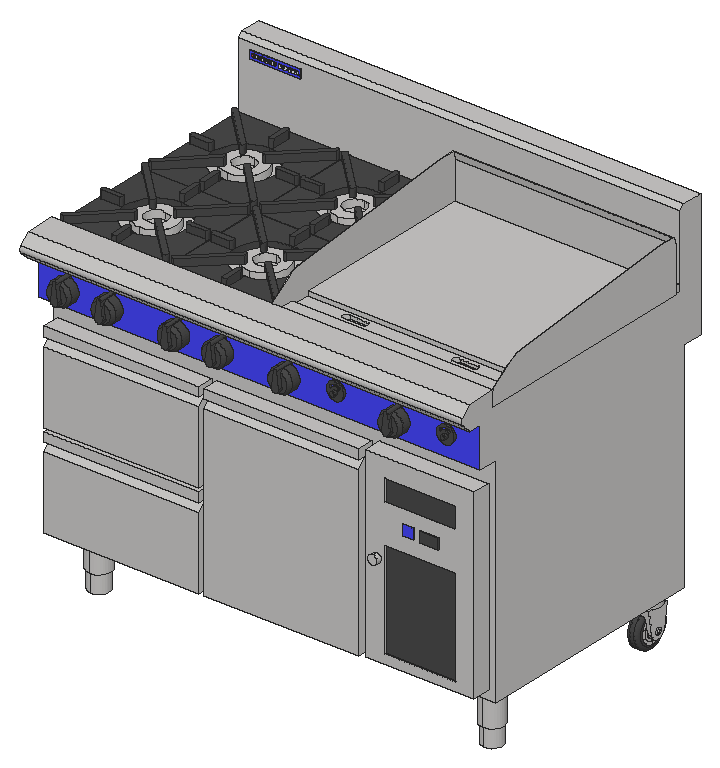
Revit family "QF_MOFFAT_BLUESEAL_CE_G518B-RB", category Specialty Equipment, Revit 2012
Parameters
  Weight in Pounds = 435  # constant formula
  Watts = 250 W
  Volts = 230 V
  URL Cutsheet = "www.moffat.com"
  URL = "www.moffat.com"
  Type Mark [instance] = ""
  Status [instance] = ""
  Specification by User [instance] = ""
  Specification by Manufacturer = ""
  Show Logo [instance] = yes
  Show Clearance [instance] = yes
  Show Casters [instance] = yes
  Serial Number = ""
  Seismic Rating = ""
  SMACNA No = ""
  Revision Code [instance] = ""
  Refrigerant Type = "R134a"
  Phase = 1
  Omniclass Number and Title = ""
  Number of Poles = 1
  NAFEM Spec ID Number = ""
  Model = "G518B-RB"
  Min Ckt Ampacity = 0 A
  Mechanical Remarks [instance] = ""
  Mechanical Connection Type [instance] = ""
  Max Overcurrent Protection = 0 A
  Masterspec = ""
  Manufacturer = "MOFFAT BLUESEAL"
  Legs [instance] = not(Show Casters)  # no
  Item Number [instance] = ""
  Installed By [instance] = ""
  Identify Quantity as Lot [instance] = yes
  HP = ""
  Gas Size = 3/4"
  Gas RI Height [instance] = 0.0 mm
  Gas KW [instance] = 42.2
  Gas Input [instance] = 144068.0 Btu/h
  Gas Connection Height = 0.0 mm
  Furnished By [instance] = ""
  Foodservice Equipment Identifier [instance] = yes
  FL Amps = 1.8 A
  Elec Conn RI Height = 0.0 mm
  Elec Conn Connection Height = 0.0 mm
  Description = "1200MM GAS COOK TOP ON REFRIGERATED BASE"
  Cycle = 50 Hz
  Conn Plug = ""
  Conn Conduit = yes
  CSI MasterFormat = ""
  CSI Master Format = ""
  Body Height [instance] = 915.0 mm
  Base Height [instance] = 150.0 mm
  Apparent Power = if(Phase = 3, Volts * FL Amps * 1.73, Volts * FL Amps)  # 414 VA
Reference planes
  plane 1 "BACK": y = 0
  plane 2: z = 0
  plane 3 "LEFT": x = 0
  plane 4 "RIGHT": x = 1200
  plane 5 "FRONT": y = -812
  plane 6 "TOP": z = 970
  plane 7 "Center Y": x = 600
  plane 8 "Center X": y = -406
  plane 9 "Base Height": z = 150
  plane 10: x = 1134
  plane 11: x = 65
  plane 12: z = 915
  plane 13: x = 1181
  plane 14: x = 973
  plane 15: y = -625
  plane 16: y = -100
  plane 17: z = 1085
Forms (mm)
  Extrusion 1, solid, material "QF_Finishes_Stainless Steel"
    sketch origin (0, 0, 0) x (0, 1, 0) y (0, 0, 1)
      loop
        line (0, 740) -> (0, 1085) -> (-57.5, 1085) -> (-70, 1072.5) -> (-70, 875) -> (-705, 875) -> (-705, 915) -> (-783.97, 915) -> (-808.485, 890.485)
        arc (-808.485, 890.485) -> (-811.999, 882) -> (-808.485, 873.515) r 12
        line (-808.485, 873.515) -> (-784.97, 850) -> (-749, 850) -> (-749, 740) -> (-697, 740) -> (-697, 150) -> (-57, 150) -> (-57, 740) -> (0, 740)
    from 0 to 1200
  Extrusion 2, solid, material "QF_Finishes_Stainless Steel"
    sketch origin (705, 3, 100) x (1, 0, 0) y (0, 1, 0)
      loop
        circle (365, -35) r 13.5
    from 555 to 640
  Revolve 3, solid, material "QF_Finishes_Black"
    sketch origin (89.687, 0, 759.972) x (0, 1, 0) y (0, 0, -1)
      loop
        line (-789, -69.5) -> (-766, -69.5) -> (-766, -42) -> (-756, -42) -> (-756, -37) -> (-800, -37) -> (-800, -63.651) -> (-789, -69.5)
      axis (-800, -37) -> (-756, -37)
    angle from 0 to 360
  Extrusion 4, solid, material "QF_Finishes_Black"
    sketch origin (227.956, 0, 760.13) x (-1, 0, 0) y (0, 0, -1)
      loop
        line (127.537, -26.064) -> (132.958, -68.983)
        arc (132.958, -68.983) -> (137.956, -73.87) -> (142.955, -68.983) r 5
        line (142.955, -68.983) -> (148.444, -24.898)
        arc (148.444, -24.898) -> (137.372, -14.399) -> (127.537, -26.064) r 10.487
    from 759 to 808
  Revolve 5, solid, material "QF_Finishes_Stainless Steel"
    sketch origin (65, -735, 0) x (0, 1, 0) y (0, 0, 1)
      loop
        line (78.25, 150) -> (78.25, 50) -> (82.5, 50) -> (82.5, 0) -> (110, 0) -> (110, 150) -> (78.25, 150)
      axis (110, 150) -> (110, 0)
    angle from 0 to 360
  Revolve 6, solid, material "QF_Finishes_Stainless Steel"
    sketch origin (1134, -735, 0) x (0, 1, 0) y (0, 0, -1)
      loop
        line (78.25, -150) -> (110, -150) -> (110, 0) -> (82.5, 0) -> (82.5, -50) -> (78.25, -50) -> (78.25, -150)
      axis (110, -150) -> (110, 0)
    angle from 0 to 360
  Extrusion 7, solid, material "QF_Finishes_Stainless Steel"
    sketch origin (0, 0, 0) x (0, 1, 0) y (0, 0, 1)
      loop
        line (-754, 678) -> (-754, 653) -> (-709.18, 653) -> (-709.18, 678) -> (-754, 678)
      loop
        line (-754, 421) -> (-754, 396) -> (-709.18, 396) -> (-709.18, 421) -> (-754, 421)
    from 19 to 439
  Extrusion 8, solid, material "QF_Finishes_Stainless Steel"
    sketch origin (0, -697, 222.5) x (0, 0, -1) y (1, 0, 0)
      loop
        line (-455.5, 1181) -> (-455.5, 887) -> (48.5, 887) -> (48.5, 1181) -> (-455.5, 1181)
      loop
        line (23.5, 1131) -> (-241.5, 1131) -> (-241.5, 937) -> (23.5, 937) -> (23.5, 1131)
      loop
        line (-405.5, 1131) -> (-405.5, 937) -> (-345.5, 937) -> (-345.5, 1131) -> (-405.5, 1131)
    from 0 to 48
  Extrusion 9, solid, material "QF_Finishes_Black"
    sketch origin (0, -745, 222.5) x (0, 0, -1) y (1, 0, 0)
      loop
        line (-311.04, 1035.003) -> (-281.04, 1035.003) -> (-281.04, 1083.315) -> (-311.04, 1083.315) -> (-311.04, 1035.003)
    from 0 to 1
  Extrusion 10, solid, material "QF_Finishes_Stainless Steel"
    sketch origin (0, -745, 222.5) x (0, 0, -1) y (1, 0, 0)
      loop
        circle (-202.271, 914.856) r 12.395
    from 0 to 12.7
  Extrusion 11, solid, material "QF_Finishes_Vents"
    sketch origin (0, -697, 222.5) x (0, 0, 1) y (1, 0, 0)
      loop
        line (345.5, 937) -> (405.5, 937) -> (405.5, 1131) -> (345.5, 1131) -> (345.5, 937)
      loop
        line (241.5, 937) -> (241.5, 1131) -> (-23.5, 1131) -> (-23.5, 937) -> (241.5, 937)
    from 0 to -44.529
  Extrusion 12, solid, material "QF_Door-Drawer Clearances", visible <- "Show Clearance", detail levels coarse
    sketch origin (0, -747, 174) x (0, 0, 1) y (-1, 0, 0)
      loop
        line (0, -19) -> (0, -439) -> (247, -439) -> (247, -19) -> (0, -19)
      loop
        line (257, -19) -> (257, -439) -> (504, -439) -> (504, -19) -> (257, -19)
    from 0 to 304.8
  Extrusion 13, solid, material "QF_Finishes_Stainless Steel"
    sketch origin (0, 0, 0) x (0, 1, 0) y (0, 0, 1)
      loop
        line (-709.18, 174) -> (-709.18, 650.613) -> (-731.387, 650.613) -> (-754, 628) -> (-754, 174) -> (-709.18, 174)
    from 453 to 873
  Extrusion 14, solid, material "QF_Door-Drawer Clearances", visible <- "Show Clearance", detail levels coarse
    sketch origin (0, -754, 174) x (1, 0, 0) y (0, -1, 0)
      loop
        line (453, 0) -> (873, 0) -> (873, 420)
        arc (873, 420) -> (576.015, 296.985) -> (453, 0) r 420
    from 0 to -504
  Extrusion 15, solid, material "QF_Finishes_Stainless Steel"
    sketch origin (0, -57, 735) x (0, 0, 1) y (1, 0, 0)
      loop
        circle (-315, 920) r 6.35
    from 0 to 1.6
  Extrusion 16, solid, material "QF_Finishes_Stainless Steel"
    sketch origin (0, 0, 0) x (0, 1, 0) y (0, 0, 1)
      loop
        line (-754, 431) -> (-709.18, 431) -> (-709.18, 650.613) -> (-731.387, 650.613) -> (-754, 628) -> (-754, 431)
      loop
        line (-754, 174) -> (-709.18, 174) -> (-709.18, 393.613) -> (-731.387, 393.613) -> (-754, 371) -> (-754, 174)
    from 19 to 439
  Extrusion 17, solid, material "QF_Finishes_Stainless Steel"
    sketch origin (0, 0, 0) x (0, 1, 0) y (0, 0, 1)
      loop
        line (-709.18, 653) -> (-709.18, 678) -> (-754, 678) -> (-754, 653) -> (-709.18, 653)
    from 453 to 873
  Revolve 18, solid, material "QF_Finishes_Black"
    sketch origin (210, 0, 760) x (0, 1, 0) y (0, 0, -1)
      loop
        line (-789, -69.5) -> (-766, -69.5) -> (-766, -42) -> (-756, -42) -> (-756, -37) -> (-800, -37) -> (-800, -63.651) -> (-789, -69.5)
      axis (-800, -37) -> (-756, -37)
    angle from 0 to 360
  Extrusion 19, solid, material "QF_Finishes_Black"
    sketch origin (348.27, 0, 760.158) x (-1, 0, 0) y (0, 0, -1)
      loop
        line (127.537, -26.064) -> (132.958, -68.983)
        arc (132.958, -68.983) -> (137.956, -73.87) -> (142.955, -68.983) r 5
        line (142.955, -68.983) -> (148.444, -24.898)
        arc (148.444, -24.898) -> (137.372, -14.399) -> (127.537, -26.064) r 10.487
    from 759 to 808
  Revolve 20, solid, material "QF_Finishes_Black"
    sketch origin (390, 0, 760) x (0, 1, 0) y (0, 0, -1)
      loop
        line (-789, -69.5) -> (-766, -69.5) -> (-766, -42) -> (-756, -42) -> (-756, -37) -> (-800, -37) -> (-800, -63.651) -> (-789, -69.5)
      axis (-800, -37) -> (-756, -37)
    angle from 0 to 360
  Extrusion 21, solid, material "QF_Finishes_Black"
    sketch origin (528.27, 0, 760.158) x (-1, 0, 0) y (0, 0, -1)
      loop
        line (127.537, -26.064) -> (132.958, -68.983)
        arc (132.958, -68.983) -> (137.956, -73.87) -> (142.955, -68.983) r 5
        line (142.955, -68.983) -> (148.444, -24.898)
        arc (148.444, -24.898) -> (137.372, -14.399) -> (127.537, -26.064) r 10.487
    from 759 to 808
  Revolve 22, solid, material "QF_Finishes_Black"
    sketch origin (690, 0, 760) x (0, 1, 0) y (0, 0, -1)
      loop
        line (-789, -69.5) -> (-766, -69.5) -> (-766, -42) -> (-756, -42) -> (-756, -37) -> (-800, -37) -> (-800, -63.651) -> (-789, -69.5)
      axis (-800, -37) -> (-756, -37)
    angle from 0 to 360
  Extrusion 23, solid, material "QF_Finishes_Black"
    sketch origin (828.27, 0, 760.158) x (-1, 0, 0) y (0, 0, -1)
      loop
        line (127.537, -26.064) -> (132.958, -68.983)
        arc (132.958, -68.983) -> (137.956, -73.87) -> (142.955, -68.983) r 5
        line (142.955, -68.983) -> (148.444, -24.898)
        arc (148.444, -24.898) -> (137.372, -14.399) -> (127.537, -26.064) r 10.487
    from 759 to 808
  Revolve 24, solid, material "QF_Finishes_Black"
    sketch origin (990, 0, 760) x (0, 1, 0) y (0, 0, -1)
      loop
        line (-789, -69.5) -> (-766, -69.5) -> (-766, -42) -> (-756, -42) -> (-756, -37) -> (-800, -37) -> (-800, -63.651) -> (-789, -69.5)
      axis (-800, -37) -> (-756, -37)
    angle from 0 to 360
  Extrusion 25, solid, material "QF_Finishes_Black"
    sketch origin (1128.27, 0, 760.158) x (-1, 0, 0) y (0, 0, -1)
      loop
        line (127.537, -26.064) -> (132.958, -68.983)
        arc (132.958, -68.983) -> (137.956, -73.87) -> (142.955, -68.983) r 5
        line (142.955, -68.983) -> (148.444, -24.898)
        arc (148.444, -24.898) -> (137.372, -14.399) -> (127.537, -26.064) r 10.487
    from 759 to 808
  Revolve 26, solid, material "QF_Finishes_Black"
    sketch origin (510.313, 0, 760.028) x (0, 1, 0) y (0, 0, -1)
      loop
        line (-789, -69.5) -> (-766, -69.5) -> (-766, -42) -> (-756, -42) -> (-756, -37) -> (-800, -37) -> (-800, -63.651) -> (-789, -69.5)
      axis (-800, -37) -> (-756, -37)
    angle from 0 to 360
  Extrusion 27, solid, material "QF_Finishes_Black"
    sketch origin (648.583, 0, 760.186) x (-1, 0, 0) y (0, 0, -1)
      loop
        line (127.537, -26.064) -> (132.958, -68.983)
        arc (132.958, -68.983) -> (137.956, -73.87) -> (142.955, -68.983) r 5
        line (142.955, -68.983) -> (148.444, -24.898)
        arc (148.444, -24.898) -> (137.372, -14.399) -> (127.537, -26.064) r 10.487
    from 759 to 808
  Revolve 28, solid, material "QF_Finishes_Stainless Steel", visible <- "Legs"
    sketch origin (65.5, -166, 0) x (0, 1, 0) y (0, 0, 1)
      loop
        line (34.25, 150) -> (34.25, 50) -> (38.5, 50) -> (38.5, 0) -> (66, 0) -> (66, 150) -> (34.25, 150)
      axis (66, 150) -> (66, 0)
    angle from 0 to 360
  Revolve 29, solid, material "QF_Finishes_Stainless Steel", visible <- "Show Casters"
    sketch origin (16.276, -100.755, -12.8) x (1, 0, 0) y (0, 0, 1)
      loop
        line (14.841, 63.604) -> (83.584, 63.604) -> (83.584, 67.109) -> (82.314, 68.379) -> (80.79, 68.379) -> (80.79, 71.826) -> (68.644, 71.826) -> (68.644, 81.79) -> (65.088, 83.843) -> (63.738, 92.179) -> (65.881, 92.179) -> (65.881, 98.529) -> (65.088, 98.529) -> (65.088, 104.879)
        arc (65.088, 104.879) -> (62.298, 111.614) -> (55.563, 114.404) r 9.525
        line (55.563, 114.404) -> (42.863, 114.404)
        arc (42.863, 114.404) -> (36.127, 111.614) -> (33.338, 104.879) r 9.525
        line (33.338, 104.879) -> (33.338, 98.529) -> (32.544, 98.529) -> (32.544, 92.179) -> (34.687, 92.179) -> (33.352, 83.932) -> (29.782, 81.871) -> (29.782, 71.826) -> (17.635, 71.826) -> (17.635, 68.379) -> (16.111, 68.379) -> (14.841, 67.109) -> (14.841, 63.604)
      axis (14.841, 63.604) -> (83.584, 63.604)
    angle from 0 to 360
  Extrusion 30, solid, material "QF_Finishes_Stainless Steel", visible <- "Show Casters"
    sketch origin (72.001, 132.353, -8.783) x (0, 1, 0) y (0, 0, 1)
      loop
        line (-200.603, 118.783) -> (-264.103, 118.783) -> (-251.746, 53.895)
        arc (-251.746, 53.895) -> (-232.353, 38.783) -> (-212.959, 53.895) r 20
        line (-212.959, 53.895) -> (-200.603, 118.783)
    from -35.667 to 22.923
  Revolve 31, solid, material "QF_Finishes_Stainless Steel", visible <- "Show Casters"
    sketch origin (65.5, -204, 0) x (0, 1, 0) y (0, 0, 1)
      loop
        line (68.25, 150) -> (68.25, 110) -> (104, 110) -> (104, 150) -> (68.25, 150)
      axis (104, 150) -> (104, 110)
    angle from 0 to 360
  Revolve 32, solid, material "QF_Finishes_Stainless Steel", visible <- "Legs"
    sketch origin (65.5, -166, 0) x (0, 1, 0) y (0, 0, 1)
      loop
        line (34.25, 150) -> (34.25, 50) -> (38.5, 50) -> (38.5, 0) -> (66, 0) -> (66, 150) -> (34.25, 150)
      axis (66, 150) -> (66, 0)
    angle from 0 to 360
  Revolve 33, solid, material "QF_Finishes_Stainless Steel", visible <- "Legs"
    sketch origin (1134.5, -166, 0) x (0, 1, 0) y (0, 0, -1)
      loop
        line (34.25, -150) -> (66, -150) -> (66, 0) -> (38.5, 0) -> (38.5, -50) -> (34.25, -50) -> (34.25, -150)
      axis (66, -150) -> (66, 0)
    angle from 0 to 360
  Revolve 34, solid, material "QF_Finishes_Stainless Steel", visible <- "Show Casters"
    sketch origin (1183.724, -100.755, -12.8) x (-1, 0, 0) y (0, 0, -1)
      loop
        line (14.841, -63.604) -> (14.841, -67.109) -> (16.111, -68.379) -> (17.635, -68.379) -> (17.635, -71.826) -> (29.782, -71.826) -> (29.782, -81.871) -> (33.352, -83.932) -> (34.687, -92.179) -> (32.544, -92.179) -> (32.544, -98.529) -> (33.338, -98.529) -> (33.338, -104.879)
        arc (33.338, -104.879) -> (36.127, -111.614) -> (42.863, -114.404) r 9.525
        line (42.863, -114.404) -> (55.563, -114.404)
        arc (55.563, -114.404) -> (62.298, -111.614) -> (65.088, -104.879) r 9.525
        line (65.088, -104.879) -> (65.088, -98.529) -> (65.881, -98.529) -> (65.881, -92.179) -> (63.738, -92.179) -> (65.088, -83.843) -> (68.644, -81.79) -> (68.644, -71.826) -> (80.79, -71.826) -> (80.79, -68.379) -> (82.314, -68.379) -> (83.584, -67.109) -> (83.584, -63.604) -> (14.841, -63.604)
      axis (14.841, -63.604) -> (83.584, -63.604)
    angle from 0 to 360
  Extrusion 35, solid, material "QF_Finishes_Stainless Steel", visible <- "Show Casters"
    sketch origin (1127.999, 132.353, -8.783) x (0, 1, 0) y (0, 0, -1)
      loop
        line (-200.603, -118.783) -> (-212.959, -53.895)
        arc (-212.959, -53.895) -> (-232.353, -38.783) -> (-251.746, -53.895) r 20
        line (-251.746, -53.895) -> (-264.103, -118.783) -> (-200.603, -118.783)
    from -35.667 to 22.923
  Revolve 36, solid, material "QF_Finishes_Stainless Steel", visible <- "Show Casters"
    sketch origin (1134.5, -204, 0) x (0, 1, 0) y (0, 0, -1)
      loop
        line (68.25, -150) -> (104, -150) -> (104, -110) -> (68.25, -110) -> (68.25, -150)
      axis (104, -150) -> (104, -110)
    angle from 0 to 360
  Revolve 37, solid, material "QF_Finishes_Stainless Steel", visible <- "Legs"
    sketch origin (1134.5, -166, 0) x (0, 1, 0) y (0, 0, -1)
      loop
        line (34.25, -150) -> (66, -150) -> (66, 0) -> (38.5, 0) -> (38.5, -50) -> (34.25, -50) -> (34.25, -150)
      axis (66, -150) -> (66, 0)
    angle from 0 to 360
  Extrusion 38, solid, material "QF_Finishes_Black"
    sketch origin (0, -749, 850) x (0, 0, -1) y (1, 0, 0)
      loop
        circle (53, 810) r 23.9
      loop
        circle (53, 1110) r 23.9
      loop
        arc (45.641, 1118.419) -> (46.501, 1123.219) -> (41.701, 1124.079) r 3.448
        arc (41.701, 1124.079) -> (35.116, 1109.341) -> (42.919, 1095.209) r 18.095
        arc (42.919, 1095.209) -> (47.641, 1096.491) -> (46.326, 1101.204) r 3.448
        arc (46.326, 1101.204) -> (42.758, 1109.683) -> (45.641, 1118.419) r 13.109
      loop
        arc (45.641, 818.419) -> (46.501, 823.219) -> (41.701, 824.079) r 3.448
        arc (41.701, 824.079) -> (35.116, 809.341) -> (42.919, 795.209) r 18.095
        arc (42.919, 795.209) -> (47.641, 796.491) -> (46.326, 801.204) r 3.448
        arc (46.326, 801.204) -> (42.758, 809.683) -> (45.641, 818.419) r 13.109
    from 0 to 5
  Extrusion 39, solid, material "QF_Finishes_Black"
    sketch origin (0, -754, 850) x (0, 0, -1) y (1, 0, 0)
      loop
        circle (56.5, 810) r 5.75
      loop
        circle (56.5, 1110) r 5.75
    from 0 to 10
  Extrusion 40, solid, material "QF_Finishes_Blue"
    sketch origin (0, -745, 222.5) x (0, 0, -1) y (1, 0, 0)
      loop
        line (-311.04, 987.426) -> (-281.04, 987.426) -> (-281.04, 1017.426) -> (-311.04, 1017.426) -> (-311.04, 987.426)
    from 0 to 1
Lines and regions (mm)
  Split face 1
    outline origin (0, -22, 1085) x (0, 1, 0) y (-1, 0, 0)
      loop
        arc (-23.385, -1164.794) -> (-18.385, -1173.455) -> (-8.385, -1173.455) r 10
        line (-8.385, -1173.455) -> (-1.385, -1169.413)
        arc (-1.385, -1169.413) -> (2.275, -1165.753) -> (3.615, -1160.753) r 10
        line (3.615, -1160.753) -> (3.615, -932.794)
        arc (3.615, -932.794) -> (-1.385, -924.134) -> (-11.385, -924.134) r 10
        line (-11.385, -924.134) -> (-18.385, -928.176)
        arc (-18.385, -928.176) -> (-22.045, -931.836) -> (-23.385, -936.836) r 10
        line (-23.385, -936.836) -> (-23.385, -1164.794)
  Split face 2
    outline origin (0, -22, 1085) x (0, 1, 0) y (-1, 0, 0)
      loop
        arc (-23.385, -864.794) -> (-18.385, -873.455) -> (-8.385, -873.455) r 10
        line (-8.385, -873.455) -> (-1.385, -869.413)
        arc (-1.385, -869.413) -> (2.275, -865.753) -> (3.615, -860.753) r 10
        line (3.615, -860.753) -> (3.615, -632.794)
        arc (3.615, -632.794) -> (-1.385, -624.134) -> (-11.385, -624.134) r 10
        line (-11.385, -624.134) -> (-18.385, -628.176)
        arc (-18.385, -628.176) -> (-22.045, -631.836) -> (-23.385, -636.836) r 10
        line (-23.385, -636.836) -> (-23.385, -864.794)
  Split face 3
    outline origin (0, -22, 1085) x (0, 1, 0) y (-1, 0, 0)
      loop
        arc (-23.385, -564.794) -> (-18.385, -573.455) -> (-8.385, -573.455) r 10
        line (-8.385, -573.455) -> (-1.385, -569.413)
        arc (-1.385, -569.413) -> (2.275, -565.753) -> (3.615, -560.753) r 10
        line (3.615, -560.753) -> (3.615, -332.794)
        arc (3.615, -332.794) -> (-1.385, -324.134) -> (-11.385, -324.134) r 10
        line (-11.385, -324.134) -> (-18.385, -328.176)
        arc (-18.385, -328.176) -> (-22.045, -331.836) -> (-23.385, -336.836) r 10
        line (-23.385, -336.836) -> (-23.385, -564.794)
  Split face 4
    outline origin (0, -22, 1085) x (0, 1, 0) y (-1, 0, 0)
      loop
        arc (-23.385, -264.794) -> (-18.385, -273.455) -> (-8.385, -273.455) r 10
        line (-8.385, -273.455) -> (-1.385, -269.413)
        arc (-1.385, -269.413) -> (2.275, -265.753) -> (3.615, -260.753) r 10
        line (3.615, -260.753) -> (3.615, -32.794)
        arc (3.615, -32.794) -> (-1.385, -24.134) -> (-11.385, -24.134) r 10
        line (-11.385, -24.134) -> (-18.385, -28.176)
        arc (-18.385, -28.176) -> (-22.045, -31.836) -> (-23.385, -36.836) r 10
        line (-23.385, -36.836) -> (-23.385, -264.794)
  symbolic lines, style "QF_Door-Drawer Clearances"
    curve 1: line (19, -812, 150) -> (19, -1058.8, 150)
    curve 2: line (19, -1058.8, 150) -> (439, -1058.8, 150)
    curve 3: line (439, -1058.8, 150) -> (439, -812, 150)
    curve 4: arc (512.99, -970.316, 150) -> (477.409, -895.095, 150) -> (457.356, -814.336, 150) r 420
    curve 5: line (776.472, -812, 150) -> (512.99, -970.316, 150)
  symbolic lines, style "SpecialityEquipmentHiddenLines", visible <- "Show Casters"
    curve 6: line (78.456, -46.735, 0) -> (105.952, -62.61, 0)
    curve 7: line (27.656, -134.723, 0) -> (78.456, -46.735, 0)
    curve 8: line (55.152, -150.598, 0) -> (27.656, -134.723, 0)
    curve 9: line (105.952, -62.61, 0) -> (55.152, -150.598, 0)
    curve 10: line (1125.152, -150.598, 0) -> (1097.656, -134.723, 0)
    curve 11: line (1175.952, -62.61, 0) -> (1125.152, -150.598, 0)
    curve 52: line (1148.456, -46.735, 0) -> (1097.656, -134.723, 0)
    curve 53: line (1175.952, -62.61, 0) -> (1148.456, -46.735, 0)
  symbolic lines
    curve 12: line (32.794, -18.385, 0) -> (260.753, -18.385, 0)
    curve 13: arc (260.753, -18.385, 0) -> (265.753, -19.725, 0) -> (269.413, -23.385, 0) r 10
    curve 14: line (269.413, -23.385, 0) -> (273.455, -30.385, 0)
    curve 15: arc (273.455, -30.385, 0) -> (273.455, -40.385, 0) -> (264.794, -45.385, 0) r 10
    curve 16: line (264.794, -45.385, 0) -> (36.836, -45.385, 0)
    curve 17: arc (36.836, -45.385, 0) -> (31.836, -44.045, 0) -> (28.176, -40.385, 0) r 10
    curve 18: line (28.176, -40.385, 0) -> (24.134, -33.385, 0)
    curve 19: arc (24.134, -33.385, 0) -> (24.134, -23.385, 0) -> (32.794, -18.385, 0) r 10
    curve 20: line (560.753, -18.385, 0) -> (332.794, -18.385, 0)
    curve 21: arc (332.794, -18.385, 0) -> (324.134, -23.385, 0) -> (324.134, -33.385, 0) r 10
    curve 22: line (324.134, -33.385, 0) -> (328.176, -40.385, 0)
    curve 23: arc (328.176, -40.385, 0) -> (331.836, -44.045, 0) -> (336.836, -45.385, 0) r 10
    curve 24: line (336.836, -45.385, 0) -> (564.794, -45.385, 0)
    curve 25: arc (564.794, -45.385, 0) -> (573.455, -40.385, 0) -> (573.455, -30.385, 0) r 10
    curve 26: line (573.455, -30.385, 0) -> (569.413, -23.385, 0)
    curve 27: arc (569.413, -23.385, 0) -> (565.753, -19.725, 0) -> (560.753, -18.385, 0) r 10
    curve 28: line (632.794, -18.385, 0) -> (860.753, -18.385, 0)
    curve 29: arc (860.753, -18.385, 0) -> (865.753, -19.725, 0) -> (869.413, -23.385, 0) r 10
    curve 30: line (869.413, -23.385, 0) -> (873.455, -30.385, 0)
    curve 31: arc (873.455, -30.385, 0) -> (873.455, -40.385, 0) -> (864.794, -45.385, 0) r 10
    curve 32: line (864.794, -45.385, 0) -> (636.836, -45.385, 0)
    curve 33: arc (636.836, -45.385, 0) -> (631.836, -44.045, 0) -> (628.176, -40.385, 0) r 10
    curve 34: line (628.176, -40.385, 0) -> (624.134, -33.385, 0)
    curve 35: arc (624.134, -33.385, 0) -> (624.134, -23.385, 0) -> (632.794, -18.385, 0) r 10
    curve 36: line (1160.753, -18.385, 0) -> (932.794, -18.385, 0)
    curve 37: arc (932.794, -18.385, 0) -> (924.134, -23.385, 0) -> (924.134, -33.385, 0) r 10
    curve 38: line (924.134, -33.385, 0) -> (928.176, -40.385, 0)
    curve 39: arc (928.176, -40.385, 0) -> (931.836, -44.045, 0) -> (936.836, -45.385, 0) r 10
    curve 40: line (936.836, -45.385, 0) -> (1164.794, -45.385, 0)
    curve 41: arc (1164.794, -45.385, 0) -> (1173.455, -40.385, 0) -> (1173.455, -30.385, 0) r 10
    curve 42: line (1173.455, -30.385, 0) -> (1169.413, -23.385, 0)
    curve 43: arc (1169.413, -23.385, 0) -> (1165.753, -19.725, 0) -> (1160.753, -18.385, 0) r 10
    curve 44: line (1200, 0, 0) -> (0, 0, 0)
    curve 45: line (1200, -57, 0) -> (0, -57, 0)
    curve 46: line (0, -70, 0) -> (1200, -70, 0)
    curve 47: line (-1, -705, 0) -> (1199, -705, 0)
    curve 48: line (0, -783.97, 0) -> (1200, -783.97, 0)
    curve 49: line (0, -811.999, 0) -> (1200, -811.999, 0)
    curve 50: line (1200, -811.999, 0) -> (1200, 0, 0)
    curve 51: line (0, 0, 0) -> (0, -811.999, 0)
Dimensions and locks
  equal spacing: plane 3 "LEFT", plane 7 "Center Y", plane 4 "RIGHT"
  plane 3 "LEFT" to plane 4 "RIGHT" = 1200.0 mm
  equal spacing: plane 5 "FRONT", plane 8 "Center X", plane 1 "BACK"
  plane 5 "FRONT" to plane 1 "BACK" = 812.0 mm
  "Base Height": plane 9 "Base Height" to level
  plane 6 "TOP" to level = 970.0 mm
  plane 10 to plane 11 = 1069.0 mm
  level to Extrusion 2 = 655.0 mm
  Extrusion 1 to Extrusion 7 = 19.0 mm
  Extrusion 8 sketch curve to Extrusion 8 sketch curve = 294.0 mm
  plane 15 to plane 16 = 525.0 mm
  plane 17 to plane 2 = 1085.0 mm
  Extrusion 15 sketch curve to plane 4 "RIGHT" = 280.0 mm
  Extrusion 15 sketch curve to plane 2 = 420.0 mm
  Revolve 29 sketch curve to Revolve 29 sketch curve = 50.8 mm
  Revolve 34 sketch curve to Revolve 34 sketch curve = 50.8 mm
  aligned and locked: level to plane 2
Automatic sketch dimensions
  curve 45 to plane 3 "LEFT" = 0.0 mm
  curve 48 to plane 4 "RIGHT" = 0.0 mm
  plane 1 "BACK" to curve 44 = 0.0 mm
  curve 47 to plane 3 "LEFT" = 1.0 mm
  plane 3 "LEFT" to curve 18 = 24.134 mm
  plane 3 "LEFT" to curve 8 = 27.656 mm
  curve 19 to curve 17 = 4.041 mm
  curve 18 to curve 19 = 8.66 mm
  curve 17 to curve 17 = 8.66 mm
  curve 8 to plane 11 = 9.848 mm
  plane 11 to curve 7 = 13.456 mm
  plane 1 "BACK" to curve 12 = 18.385 mm
  curve 6 to curve 12 = 154.801 mm
  curve 13 to curve 15 = 4.041 mm  (x2)
  curve 13 to curve 13 = 8.66 mm
  curve 14 to curve 21 = 50.679 mm
  curve 22 to curve 23 = 4.041 mm
  curve 21 to curve 21 = 8.66 mm
  curve 23 to curve 23 = 8.66 mm
  plane 1 "BACK" to curve 27 = 18.385 mm
  curve 27 to plane 7 "Center Y" = 39.247 mm
  curve 27 to curve 24 = 4.041 mm
  plane 1 "BACK" to curve 26 = 23.385 mm
  curve 27 to curve 26 = 8.66 mm
  curve 26 to curve 25 = 4.041 mm
  plane 7 "Center Y" to curve 35 = 24.134 mm
  curve 35 to curve 34 = 4.041 mm
  curve 34 to curve 28 = 8.66 mm
  curve 33 to curve 32 = 8.66 mm
  plane 1 "BACK" to curve 29 = 18.385 mm
  curve 29 to plane 14 = 112.247 mm
  curve 29 to curve 31 = 4.041 mm
  curve 29 to curve 29 = 8.66 mm
  plane 1 "BACK" to curve 30 = 30.385 mm
  curve 29 to curve 30 = 4.041 mm
  curve 38 to plane 14 = 48.866 mm
  curve 37 to curve 38 = 4.041 mm
  curve 37 to curve 37 = 8.66 mm
  curve 37 to curve 39 = 4.041 mm
  curve 52 to plane 10 = 36.344 mm
  curve 10 to plane 10 = 8.848 mm
  plane 10 to curve 53 = 14.456 mm
  curve 52 to curve 43 = 12.297 mm
  curve 43 to curve 41 = 4.041 mm
  curve 36 to curve 42 = 8.66 mm
  curve 43 to curve 42 = 4.041 mm
  plane 4 "RIGHT" to curve 47 = 1.0 mm
  curve 34 to curve 28 = 15.0 mm
  curve 18 to curve 12 = 15.0 mm
  curve 21 to curve 20 = 15.0 mm
  plane 1 "BACK" to curve 38 = 33.385 mm
  curve 31 to curve 31 = 5.0 mm
  curve 25 to curve 27 = 7.0 mm
  curve 15 to curve 12 = 17.0 mm
  curve 17 to curve 19 = 7.0 mm
  curve 33 to curve 35 = 7.0 mm
  curve 23 to curve 21 = 7.0 mm
  plane 1 "BACK" to curve 41 = 35.385 mm
  curve 39 to curve 37 = 2.0 mm
  curve 39 to curve 37 = 7.0 mm  (x2)
  curve 18 to curve 19 = 7.0 mm
  curve 22 to curve 22 = 7.0 mm
  curve 53 to curve 41 = 1.35 mm
  curve 6 to curve 17 = 1.35 mm
  curve 45 to curve 40 = 11.615 mm
  curve 53 to curve 41 = 17.225 mm
  curve 6 to curve 6 = 15.875 mm
  curve 46 to curve 45 = 13.0 mm
  curve 47 to plane 15 = 80.0 mm
  curve 48 to plane 5 "FRONT" = 28.03 mm
  curve 51 to plane 5 "FRONT" = 0.001 mm
  curve 31 to curve 29 = 7.0 mm
  curve 15 to curve 13 = 7.0 mm
  curve 41 to curve 43 = 7.0 mm
  Extrusion 1 sketch curve to plane 12 = 0.0 mm
  Extrusion 1 sketch curve to plane 9 "Base Height" = 0.0 mm
  Extrusion 1 sketch curve to plane 17 = 0.0 mm
  Extrusion 1 sketch curve to plane 1 "BACK" = 0.0 mm
  plane 16 to Extrusion 1 sketch curve = 43.0 mm
  plane 16 to Extrusion 1 sketch curve = 42.5 mm
  Extrusion 1 sketch curve to Extrusion 1 sketch curve = 12.5 mm
  Extrusion 1 sketch curve to plane 15 = 72.0 mm
  Extrusion 1 sketch curve to plane 15 = 80.0 mm
  Extrusion 1 sketch curve to Extrusion 1 sketch curve = 52.0 mm
  Extrusion 1 sketch curve to plane 5 "FRONT" = 28.03 mm
  Extrusion 1 sketch curve to plane 5 "FRONT" = 27.03 mm
  Extrusion 1 sketch curve to plane 5 "FRONT" = 12.001 mm
  Extrusion 1 sketch curve to plane 5 "FRONT" = 3.515 mm  (x2)
  Extrusion 1 sketch curve to plane 12 = 175.0 mm  (x2)
  Extrusion 1 sketch curve to plane 12 = 65.0 mm
  Extrusion 1 sketch curve to Extrusion 1 sketch curve = 23.515 mm
  Extrusion 1 sketch curve to Extrusion 1 sketch curve = 40.0 mm
  Extrusion 1 sketch curve to Extrusion 1 sketch curve = 8.485 mm
  Extrusion 1 sketch curve to plane 17 = 12.5 mm
  plane 1 "BACK" to Extrusion 2 sketch curve = 32.0 mm
  Extrusion 2 sketch curve to plane 10 = 64.0 mm
  Revolve 3 sketch curve to plane 5 "FRONT" = 12.0 mm
  Revolve 3 sketch curve to Revolve 3 sketch curve = 0.0 mm  (x2)
  Revolve 3 sketch curve to Revolve 3 sketch curve = 11.0 mm
  Revolve 3 sketch curve to Revolve 3 sketch curve = 12.7 mm
  Revolve 3 sketch curve to Revolve 3 sketch curve = 23.0 mm
  Revolve 3 sketch curve to Revolve 3 sketch curve = 10.0 mm
  Revolve 3 sketch curve to plane 12 = 85.528 mm
  Revolve 3 sketch curve to Revolve 3 sketch curve = 5.849 mm
  Revolve 3 sketch curve to Revolve 3 sketch curve = 27.5 mm
  Revolve 3 sketch curve to Revolve 3 sketch curve = 5.0 mm
  plane 11 to Extrusion 4 sketch curve = 35.419 mm
  plane 11 to Extrusion 4 sketch curve = 29.999 mm
  Extrusion 4 sketch curve to Extrusion 4 sketch curve = 10.419 mm
  Extrusion 4 sketch curve to Extrusion 4 sketch curve = 4.999 mm  (x2)
  Extrusion 4 sketch curve to Extrusion 4 sketch curve = 10.487 mm
  Extrusion 4 sketch curve to plane 12 = 85.887 mm
  Extrusion 4 sketch curve to Extrusion 4 sketch curve = 0.113 mm
  Extrusion 4 sketch curve to Extrusion 4 sketch curve = 42.919 mm
  Extrusion 4 sketch curve to Extrusion 4 sketch curve = 1.167 mm
  Revolve 5 sketch curve to plane 9 "Base Height" = 0.0 mm
  Revolve 5 sketch curve to level = 0.0 mm
  Revolve 5 sketch curve to plane 15 = 0.0 mm  (x2)
  Revolve 5 sketch curve to plane 15 = 27.5 mm
  Revolve 5 sketch curve to Revolve 5 sketch curve = 31.75 mm
  Revolve 5 sketch curve to Revolve 5 sketch curve = 55.0 mm
  level to Revolve 5 sketch curve = 50.0 mm
  Revolve 5 sketch curve to Revolve 5 sketch curve = 0.0 mm
  Revolve 6 sketch curve to plane 9 "Base Height" = 0.0 mm
  Revolve 6 sketch curve to level = 0.0 mm
  Revolve 6 sketch curve to plane 15 = 0.0 mm  (x2)
  Revolve 6 sketch curve to plane 15 = 27.5 mm
  Revolve 6 sketch curve to plane 15 = 31.75 mm
  level to Revolve 6 sketch curve = 50.0 mm
  Revolve 6 sketch curve to Revolve 6 sketch curve = 0.0 mm
  Revolve 6 sketch curve to Revolve 6 sketch curve = 55.0 mm
  Extrusion 7 sketch curve to plane 5 "FRONT" = 58.0 mm  (x2)
  Extrusion 7 sketch curve to Extrusion 7 sketch curve = 44.82 mm  (x2)
  plane 9 "Base Height" to Extrusion 7 sketch curve = 246.0 mm
  Extrusion 7 sketch curve to Extrusion 7 sketch curve = 25.0 mm  (x2)
  Extrusion 7 sketch curve to Extrusion 7 sketch curve = 232.0 mm
  Extrusion 8 sketch curve to Extrusion 1 = 62.0 mm
  Extrusion 8 sketch curve to Extrusion 8 sketch curve = 50.0 mm  (x3)
  Extrusion 8 sketch curve to Extrusion 8 sketch curve = 60.0 mm
  Extrusion 8 sketch curve to Extrusion 8 sketch curve = 104.0 mm
  Extrusion 1 to Extrusion 8 sketch curve = 49.0 mm
  Extrusion 1 to Extrusion 8 sketch curve = 24.0 mm
  Extrusion 1 to Extrusion 8 sketch curve = 313.0 mm
  Extrusion 8 sketch curve to Extrusion 8 sketch curve = 0.0 mm
  Extrusion 1 to Extrusion 8 sketch curve = 69.0 mm
  Extrusion 9 sketch curve to Extrusion 8 = 34.46 mm
  Extrusion 8 to Extrusion 9 sketch curve = 47.685 mm
  Extrusion 8 to Extrusion 10 sketch curve = 39.229 mm
  Extrusion 10 sketch curve to Extrusion 8 = 22.144 mm
  Extrusion 11 sketch curve to Extrusion 8 = 0.0 mm  (x6)
  Extrusion 8 to Extrusion 11 sketch curve = 0.0 mm  (x2)
  plane 9 "Base Height" to Extrusion 12 sketch curve = 24.0 mm
  Extrusion 12 sketch curve to Extrusion 12 sketch curve = 247.0 mm
  Extrusion 12 sketch curve to Extrusion 12 sketch curve = 10.0 mm
  plane 3 "LEFT" to Extrusion 12 sketch curve = 19.0 mm  (x2)
  Extrusion 12 sketch curve to plane 12 = 237.0 mm
  Extrusion 12 sketch curve to plane 7 "Center Y" = 161.0 mm
  Extrusion 12 sketch curve to Extrusion 12 sketch curve = 0.0 mm
  Extrusion 13 sketch curve to plane 5 "FRONT" = 58.0 mm
  Extrusion 13 sketch curve to Extrusion 13 sketch curve = 22.613 mm  (x2)
  Extrusion 13 sketch curve to Extrusion 13 sketch curve = 22.207 mm
  plane 9 "Base Height" to Extrusion 13 sketch curve = 24.0 mm
  Extrusion 13 sketch curve to plane 12 = 287.0 mm
  Extrusion 14 sketch curve to Extrusion 13 = 0.0 mm  (x3)
  plane 5 "FRONT" to curve 5 = 0.0 mm
  plane 5 "FRONT" to curve 3 = 0.0 mm
  plane 5 "FRONT" to curve 1 = 0.0 mm
  curve 4 to plane 14 = 100.0 mm
  curve 4 to curve 5 = 96.528 mm
  curve 4 to plane 7 "Center Y" = 87.01 mm
  plane 5 "FRONT" to curve 4 = 2.336 mm
  curve 4 to plane 7 "Center Y" = 142.644 mm
  curve 4 to curve 3 = 18.356 mm
  plane 3 "LEFT" to curve 1 = 19.0 mm
  curve 4 to plane 5 "FRONT" = 58.0 mm
  curve 1 to curve 2 = 246.8 mm
  Extrusion 16 sketch curve to plane 5 "FRONT" = 58.0 mm  (x2)
  Extrusion 16 sketch curve to Extrusion 16 sketch curve = 22.613 mm  (x4)
  Extrusion 16 sketch curve to Extrusion 16 sketch curve = 22.207 mm
  Extrusion 16 sketch curve to Extrusion 16 sketch curve = 44.82 mm
  plane 9 "Base Height" to Extrusion 16 sketch curve = 24.0 mm
  Extrusion 16 sketch curve to Extrusion 16 sketch curve = 197.0 mm  (x2)
  Extrusion 16 sketch curve to Extrusion 16 sketch curve = 37.387 mm
  Extrusion 17 sketch curve to plane 5 "FRONT" = 58.0 mm
  Extrusion 17 sketch curve to Extrusion 17 sketch curve = 44.82 mm
  Extrusion 17 sketch curve to plane 12 = 262.0 mm
  Extrusion 17 sketch curve to Extrusion 17 sketch curve = 25.0 mm
  Revolve 18 sketch curve to plane 5 "FRONT" = 12.0 mm
  Revolve 18 sketch curve to Revolve 18 sketch curve = 0.0 mm  (x2)
  Revolve 18 sketch curve to Revolve 18 sketch curve = 11.0 mm
  Revolve 18 sketch curve to Revolve 18 sketch curve = 12.7 mm
  Revolve 18 sketch curve to Revolve 18 sketch curve = 23.0 mm
  Revolve 18 sketch curve to Revolve 18 sketch curve = 10.0 mm
  Revolve 18 sketch curve to plane 12 = 85.5 mm
  Revolve 18 sketch curve to Revolve 18 sketch curve = 5.849 mm
  Revolve 18 sketch curve to Revolve 18 sketch curve = 27.5 mm
  Revolve 18 sketch curve to Revolve 18 sketch curve = 5.0 mm
  plane 11 to Extrusion 19 sketch curve = 155.733 mm
  Extrusion 19 sketch curve to Extrusion 19 sketch curve = 5.421 mm
  Extrusion 19 sketch curve to Extrusion 19 sketch curve = 10.419 mm
  Extrusion 19 sketch curve to Extrusion 19 sketch curve = 4.999 mm  (x2)
  Extrusion 19 sketch curve to plane 12 = 85.859 mm
  Extrusion 19 sketch curve to Extrusion 19 sketch curve = 10.487 mm
  Extrusion 19 sketch curve to Extrusion 19 sketch curve = 0.113 mm
  Extrusion 19 sketch curve to Extrusion 19 sketch curve = 42.919 mm
  Extrusion 19 sketch curve to Extrusion 19 sketch curve = 1.167 mm
  Revolve 20 sketch curve to plane 5 "FRONT" = 12.0 mm
  Revolve 20 sketch curve to Revolve 20 sketch curve = 0.0 mm  (x2)
  Revolve 20 sketch curve to Revolve 20 sketch curve = 11.0 mm
  Revolve 20 sketch curve to Revolve 20 sketch curve = 12.7 mm
  Revolve 20 sketch curve to Revolve 20 sketch curve = 23.0 mm
  Revolve 20 sketch curve to Revolve 20 sketch curve = 10.0 mm
  Revolve 20 sketch curve to plane 12 = 85.5 mm
  Revolve 20 sketch curve to Revolve 20 sketch curve = 5.849 mm
  Revolve 20 sketch curve to Revolve 20 sketch curve = 27.5 mm
  Revolve 20 sketch curve to Revolve 20 sketch curve = 5.0 mm
  Extrusion 21 sketch curve to plane 7 "Center Y" = 199.267 mm
  Extrusion 21 sketch curve to Extrusion 21 sketch curve = 5.421 mm
  Extrusion 21 sketch curve to Extrusion 21 sketch curve = 10.419 mm
  Extrusion 21 sketch curve to Extrusion 21 sketch curve = 4.999 mm  (x2)
  Extrusion 21 sketch curve to plane 12 = 85.859 mm
  Extrusion 21 sketch curve to Extrusion 21 sketch curve = 10.487 mm
  Extrusion 21 sketch curve to Extrusion 21 sketch curve = 0.113 mm
  Extrusion 21 sketch curve to Extrusion 21 sketch curve = 42.919 mm
  Extrusion 21 sketch curve to Extrusion 21 sketch curve = 1.167 mm
  Revolve 22 sketch curve to plane 5 "FRONT" = 12.0 mm
  Revolve 22 sketch curve to Revolve 22 sketch curve = 0.0 mm  (x2)
  Revolve 22 sketch curve to Revolve 22 sketch curve = 11.0 mm
  Revolve 22 sketch curve to Revolve 22 sketch curve = 12.7 mm
  Revolve 22 sketch curve to Revolve 22 sketch curve = 23.0 mm
  Revolve 22 sketch curve to Revolve 22 sketch curve = 10.0 mm
  Revolve 22 sketch curve to plane 12 = 85.5 mm
  Revolve 22 sketch curve to Revolve 22 sketch curve = 5.849 mm
  Revolve 22 sketch curve to Revolve 22 sketch curve = 27.5 mm
  Revolve 22 sketch curve to Revolve 22 sketch curve = 5.0 mm
  plane 7 "Center Y" to Extrusion 23 sketch curve = 100.733 mm
  Extrusion 23 sketch curve to Extrusion 23 sketch curve = 5.421 mm
  Extrusion 23 sketch curve to Extrusion 23 sketch curve = 10.419 mm
  Extrusion 23 sketch curve to Extrusion 23 sketch curve = 4.999 mm  (x2)
  Extrusion 23 sketch curve to Extrusion 23 sketch curve = 10.487 mm
  Extrusion 23 sketch curve to plane 12 = 85.859 mm
  Extrusion 23 sketch curve to Extrusion 23 sketch curve = 0.113 mm
  Extrusion 23 sketch curve to Extrusion 23 sketch curve = 42.919 mm
  Extrusion 23 sketch curve to Extrusion 23 sketch curve = 1.167 mm
  Revolve 24 sketch curve to plane 5 "FRONT" = 12.0 mm
  Revolve 24 sketch curve to Revolve 24 sketch curve = 0.0 mm  (x2)
  Revolve 24 sketch curve to Revolve 24 sketch curve = 11.0 mm
  Revolve 24 sketch curve to Revolve 24 sketch curve = 12.7 mm
  Revolve 24 sketch curve to Revolve 24 sketch curve = 23.0 mm
  Revolve 24 sketch curve to Revolve 24 sketch curve = 10.0 mm
  Revolve 24 sketch curve to plane 12 = 85.5 mm
  Revolve 24 sketch curve to Revolve 24 sketch curve = 5.849 mm
  Revolve 24 sketch curve to Revolve 24 sketch curve = 27.5 mm
  Revolve 24 sketch curve to Revolve 24 sketch curve = 5.0 mm
  plane 14 to Extrusion 25 sketch curve = 27.733 mm
  plane 14 to Extrusion 25 sketch curve = 22.312 mm
  Extrusion 25 sketch curve to Extrusion 25 sketch curve = 10.419 mm
  Extrusion 25 sketch curve to Extrusion 25 sketch curve = 4.999 mm  (x2)
  plane 14 to Extrusion 25 sketch curve = 6.826 mm
  Extrusion 25 sketch curve to plane 12 = 85.859 mm
  Extrusion 25 sketch curve to Extrusion 25 sketch curve = 0.113 mm
  Extrusion 25 sketch curve to Extrusion 25 sketch curve = 42.919 mm
  Extrusion 25 sketch curve to Extrusion 25 sketch curve = 1.167 mm
  Revolve 26 sketch curve to plane 5 "FRONT" = 12.0 mm
  Revolve 26 sketch curve to Revolve 26 sketch curve = 0.0 mm  (x2)
  Revolve 26 sketch curve to Revolve 26 sketch curve = 11.0 mm
  Revolve 26 sketch curve to Revolve 26 sketch curve = 12.7 mm
  Revolve 26 sketch curve to Revolve 26 sketch curve = 23.0 mm
  Revolve 26 sketch curve to Revolve 26 sketch curve = 10.0 mm
  Revolve 26 sketch curve to plane 12 = 85.472 mm
  Revolve 26 sketch curve to Revolve 26 sketch curve = 5.849 mm
  Revolve 26 sketch curve to Revolve 26 sketch curve = 27.5 mm
  Revolve 26 sketch curve to Revolve 26 sketch curve = 5.0 mm
  Extrusion 27 sketch curve to plane 7 "Center Y" = 78.954 mm
  Extrusion 27 sketch curve to Extrusion 27 sketch curve = 5.421 mm
  Extrusion 27 sketch curve to Extrusion 27 sketch curve = 10.419 mm
  Extrusion 27 sketch curve to Extrusion 27 sketch curve = 4.999 mm  (x2)
  Extrusion 27 sketch curve to plane 12 = 85.831 mm
  Extrusion 27 sketch curve to Extrusion 27 sketch curve = 10.487 mm
  Extrusion 27 sketch curve to Extrusion 27 sketch curve = 0.113 mm
  Extrusion 27 sketch curve to Extrusion 27 sketch curve = 42.919 mm
  Extrusion 27 sketch curve to Extrusion 27 sketch curve = 1.167 mm
  Revolve 28 sketch curve to plane 9 "Base Height" = 0.0 mm
  Revolve 28 sketch curve to level = 0.0 mm
  Revolve 28 sketch curve to plane 16 = 0.0 mm  (x2)
  Revolve 28 sketch curve to plane 16 = 27.5 mm
  Revolve 28 sketch curve to plane 16 = 31.75 mm
  Revolve 28 sketch curve to Revolve 28 sketch curve = 55.0 mm
  level to Revolve 28 sketch curve = 50.0 mm
  Revolve 28 sketch curve to Revolve 28 sketch curve = 0.0 mm
  plane 3 "LEFT" to Revolve 29 sketch curve = 31.118 mm
  Revolve 29 sketch curve to Revolve 29 sketch curve = 1.27 mm  (x4)
  Revolve 29 sketch curve to Revolve 29 sketch curve = 1.524 mm  (x2)
  Revolve 29 sketch curve to Revolve 29 sketch curve = 12.146 mm  (x2)
  Revolve 29 sketch curve to plane 11 = 16.18 mm
  Revolve 29 sketch curve to Revolve 29 sketch curve = 0.794 mm  (x2)
  Revolve 29 sketch curve to Revolve 29 sketch curve = 3.57 mm
  Revolve 29 sketch curve to Revolve 29 sketch curve = 2.143 mm
  Revolve 29 sketch curve to plane 11 = 5.861 mm
  plane 11 to Revolve 29 sketch curve = 5.63 mm
  plane 11 to Revolve 29 sketch curve = 6.839 mm
  plane 11 to Revolve 29 sketch curve = 15.015 mm
  Revolve 29 sketch curve to Revolve 29 sketch curve = 1.349 mm  (x2)
  Revolve 29 sketch curve to Revolve 29 sketch curve = 3.556 mm
  Revolve 29 sketch curve to Revolve 29 sketch curve = 33.32 mm
  level to Revolve 29 sketch curve = 50.804 mm
  Revolve 29 sketch curve to Revolve 29 sketch curve = 0.0 mm
  Revolve 29 sketch curve to Revolve 29 sketch curve = 3.505 mm  (x2)
  Revolve 29 sketch curve to Revolve 29 sketch curve = 3.447 mm  (x2)
  Revolve 29 sketch curve to Revolve 29 sketch curve = 9.964 mm
  Revolve 29 sketch curve to Revolve 29 sketch curve = 10.045 mm
  Revolve 29 sketch curve to Revolve 29 sketch curve = 2.053 mm
  Revolve 29 sketch curve to Revolve 29 sketch curve = 2.061 mm
  Revolve 29 sketch curve to Revolve 29 sketch curve = 8.247 mm
  Revolve 29 sketch curve to Revolve 29 sketch curve = 8.336 mm
  Revolve 29 sketch curve to Revolve 29 sketch curve = 6.35 mm  (x2)
  Extrusion 30 sketch curve to plane 16 = 0.0 mm
  Extrusion 30 sketch curve to plane 16 = 19.393 mm
  Extrusion 30 sketch curve to plane 16 = 31.75 mm
  plane 16 to Extrusion 30 sketch curve = 19.393 mm
  plane 16 to Extrusion 30 sketch curve = 31.75 mm
  level to Extrusion 30 sketch curve = 45.111 mm
  Extrusion 30 sketch curve to Extrusion 30 sketch curve = 4.889 mm
  Extrusion 30 sketch curve to plane 9 "Base Height" = 40.0 mm
  Revolve 31 sketch curve to plane 9 "Base Height" = 0.0 mm
  Revolve 31 sketch curve to plane 16 = 0.0 mm  (x2)
  Revolve 31 sketch curve to plane 16 = 35.75 mm
  Revolve 31 sketch curve to plane 9 "Base Height" = 40.0 mm
  level to Revolve 31 sketch curve = 50.0 mm
  Revolve 31 sketch curve to level = 55.0 mm
  Revolve 32 sketch curve to plane 9 "Base Height" = 0.0 mm
  Revolve 32 sketch curve to level = 0.0 mm
  Revolve 32 sketch curve to plane 16 = 0.0 mm  (x2)
  Revolve 32 sketch curve to Revolve 32 sketch curve = 27.5 mm
  Revolve 32 sketch curve to Revolve 32 sketch curve = 31.75 mm
  Revolve 32 sketch curve to Revolve 32 sketch curve = 55.0 mm
  level to Revolve 32 sketch curve = 50.0 mm
  Revolve 32 sketch curve to Revolve 32 sketch curve = 0.0 mm
  Revolve 33 sketch curve to plane 9 "Base Height" = 0.0 mm
  Revolve 33 sketch curve to level = 0.0 mm
  Revolve 33 sketch curve to plane 16 = 0.0 mm  (x2)
  Revolve 33 sketch curve to plane 16 = 27.5 mm
  Revolve 33 sketch curve to plane 16 = 31.75 mm
  level to Revolve 33 sketch curve = 50.0 mm
  Revolve 33 sketch curve to Revolve 33 sketch curve = 0.0 mm
  Revolve 33 sketch curve to Revolve 33 sketch curve = 55.0 mm
  plane 4 "RIGHT" to Revolve 34 sketch curve = 31.118 mm
  Revolve 34 sketch curve to Revolve 34 sketch curve = 1.27 mm  (x4)
  Revolve 34 sketch curve to Revolve 34 sketch curve = 1.524 mm  (x2)
  Revolve 34 sketch curve to Revolve 34 sketch curve = 12.146 mm  (x2)
  Revolve 34 sketch curve to Revolve 34 sketch curve = 2.762 mm
  Revolve 34 sketch curve to Revolve 34 sketch curve = 0.794 mm  (x2)
  Revolve 34 sketch curve to Revolve 34 sketch curve = 3.57 mm
  Revolve 34 sketch curve to Revolve 34 sketch curve = 2.143 mm
  plane 10 to Revolve 34 sketch curve = 6.861 mm
  Revolve 34 sketch curve to plane 10 = 4.63 mm
  Revolve 34 sketch curve to plane 10 = 5.839 mm
  Revolve 34 sketch curve to plane 10 = 14.015 mm
  Revolve 34 sketch curve to Revolve 34 sketch curve = 1.349 mm  (x2)
  Revolve 34 sketch curve to Revolve 34 sketch curve = 3.556 mm
  Revolve 34 sketch curve to Revolve 34 sketch curve = 33.32 mm
  Revolve 34 sketch curve to plane 9 "Base Height" = 48.396 mm
  Revolve 34 sketch curve to Revolve 34 sketch curve = 6.35 mm  (x4)
  Revolve 34 sketch curve to Revolve 34 sketch curve = 8.247 mm
  Revolve 34 sketch curve to Revolve 34 sketch curve = 8.336 mm
  Revolve 34 sketch curve to Revolve 34 sketch curve = 2.061 mm
  Revolve 34 sketch curve to Revolve 34 sketch curve = 2.053 mm
  Revolve 34 sketch curve to Revolve 34 sketch curve = 10.045 mm
  Revolve 34 sketch curve to Revolve 34 sketch curve = 9.964 mm
  Revolve 34 sketch curve to Revolve 34 sketch curve = 3.447 mm  (x2)
  Revolve 34 sketch curve to Revolve 34 sketch curve = 3.505 mm
  Extrusion 35 sketch curve to plane 16 = 0.0 mm
  Extrusion 35 sketch curve to plane 16 = 19.393 mm
  Extrusion 35 sketch curve to plane 16 = 31.75 mm
  plane 16 to Extrusion 35 sketch curve = 19.393 mm
  plane 16 to Extrusion 35 sketch curve = 31.75 mm
  Extrusion 35 sketch curve to plane 9 "Base Height" = 40.0 mm
  level to Extrusion 35 sketch curve = 50.0 mm
  Extrusion 35 sketch curve to Extrusion 35 sketch curve = 4.889 mm
  Revolve 36 sketch curve to plane 9 "Base Height" = 0.0 mm
  Revolve 36 sketch curve to plane 16 = 0.0 mm  (x2)
  Revolve 36 sketch curve to plane 16 = 35.75 mm
  Revolve 36 sketch curve to plane 9 "Base Height" = 40.0 mm
  level to Revolve 36 sketch curve = 50.0 mm
  Revolve 36 sketch curve to level = 55.0 mm
  Revolve 37 sketch curve to plane 9 "Base Height" = 0.0 mm
  Revolve 37 sketch curve to level = 0.0 mm
  Revolve 37 sketch curve to plane 16 = 0.0 mm  (x2)
  Revolve 37 sketch curve to Revolve 37 sketch curve = 27.5 mm
  Revolve 37 sketch curve to Revolve 37 sketch curve = 31.75 mm
  level to Revolve 37 sketch curve = 50.0 mm
  Revolve 37 sketch curve to Revolve 37 sketch curve = 0.0 mm
  Revolve 37 sketch curve to Revolve 37 sketch curve = 55.0 mm
  Split face 1 sketch curve to Extrusion 1 = 12.115 mm
  Split face 1 sketch curve to Split face 1 sketch curve = 5.0 mm  (x3)
  Split face 1 sketch curve to Split face 1 sketch curve = 10.0 mm  (x2)
  Split face 1 sketch curve to Split face 1 sketch curve = 7.0 mm  (x4)
  Split face 1 sketch curve to Extrusion 1 = 26.545 mm
  Split face 1 sketch curve to Split face 1 sketch curve = 4.041 mm  (x2)
  Split face 1 sketch curve to Split face 1 sketch curve = 223.917 mm
  Split face 2 sketch curve to Extrusion 1 = 12.115 mm
  Split face 2 sketch curve to Split face 2 sketch curve = 5.0 mm  (x3)
  Split face 2 sketch curve to Split face 2 sketch curve = 10.0 mm  (x2)
  Split face 2 sketch curve to Split face 2 sketch curve = 7.0 mm  (x4)
  Split face 2 sketch curve to Extrusion 1 = 326.545 mm
  Split face 2 sketch curve to Split face 2 sketch curve = 4.041 mm  (x2)
  Split face 2 sketch curve to Split face 2 sketch curve = 223.917 mm
  Split face 3 sketch curve to Extrusion 1 = 12.115 mm
  Split face 3 sketch curve to Split face 3 sketch curve = 5.0 mm  (x3)
  Split face 3 sketch curve to Split face 3 sketch curve = 10.0 mm  (x2)
  Split face 3 sketch curve to Split face 3 sketch curve = 7.0 mm  (x4)
  Split face 3 sketch curve to Extrusion 1 = 573.455 mm
  Split face 3 sketch curve to Split face 3 sketch curve = 4.041 mm  (x2)
  Split face 3 sketch curve to Split face 3 sketch curve = 223.917 mm
  Split face 4 sketch curve to Extrusion 1 = 12.115 mm
  Split face 4 sketch curve to Split face 4 sketch curve = 5.0 mm  (x3)
  Split face 4 sketch curve to Split face 4 sketch curve = 10.0 mm  (x2)
  Split face 4 sketch curve to Split face 4 sketch curve = 7.0 mm  (x4)
  Split face 4 sketch curve to Extrusion 1 = 273.455 mm
  Split face 4 sketch curve to Split face 4 sketch curve = 4.041 mm  (x2)
  Split face 4 sketch curve to Extrusion 1 = 36.836 mm
  Extrusion 38 sketch curve to plane 12 = 106.701 mm  (x2)
  Extrusion 38 sketch curve to plane 10 = 9.921 mm
  Extrusion 38 sketch curve to Extrusion 38 sketch curve = 1.218 mm  (x2)
  Extrusion 38 sketch curve to Extrusion 38 sketch curve = 1.97 mm  (x4)
  Extrusion 38 sketch curve to Extrusion 38 sketch curve = 1.724 mm  (x2)
  Extrusion 38 sketch curve to Extrusion 38 sketch curve = 1.683 mm  (x2)
  Extrusion 38 sketch curve to Extrusion 38 sketch curve = 6.674 mm  (x2)
  Extrusion 38 sketch curve to Extrusion 38 sketch curve = 0.195 mm  (x2)
  Extrusion 38 sketch curve to Extrusion 38 sketch curve = 2.662 mm  (x2)
  Extrusion 38 sketch curve to Extrusion 38 sketch curve = 2.83 mm  (x2)
  Extrusion 38 sketch curve to Extrusion 38 sketch curve = 8.215 mm  (x2)
  Extrusion 38 sketch curve to Extrusion 38 sketch curve = 0.102 mm  (x2)
  Extrusion 38 sketch curve to Extrusion 38 sketch curve = 0.103 mm  (x2)
  Extrusion 38 sketch curve to plane 14 = 148.921 mm
  Extrusion 39 sketch curve to Extrusion 39 sketch curve = 0.0 mm
  Extrusion 39 sketch curve to Extrusion 39 sketch curve = 300.0 mm
  Extrusion 40 sketch curve to Extrusion 8 = 34.46 mm
  Extrusion 40 sketch curve to Extrusion 40 sketch curve = 30.0 mm  (x2)
  Extrusion 8 to Extrusion 40 sketch curve = 50.426 mm
  Extrusion 9 sketch curve to Extrusion 9 sketch curve = 30.0 mm
  Extrusion 9 sketch curve to Extrusion 9 sketch curve = 48.312 mm
  radius of Extrusion 2 sketch curve = 13.5 mm
  radius of Extrusion 10 sketch curve = 12.395 mm
  radius of Extrusion 15 sketch curve = 6.35 mm
  radius of Extrusion 38 sketch curve = 23.9 mm  (x2)
  radius of Extrusion 39 sketch curve = 5.75 mm  (x2)
Nested families
  nested 1: "WALDORF LOGO_FACE BASE" at (32, -70, 1057.076) x (1, 0, 0) z (0, -1, 0), visible <- "Show Logo", type "WALDORF LOGO_FACE BASE", detail levels medium+fine
    with Show Logo yes
  nested 2: "GAS BURNER 600 & GRIDDLE 600" at (0, -70, 874.5), type "GAS BURNER 600 & GRIDDLE 600"
    with Width 1200.0 mm, Type Mark "", Status "", Specification by User "", Revision Code "", Item Number "", Installed By "", Identify Quantity as Lot yes, Furnished By "", Foodservice Equipment Identifier yes, Depth 635.0 mm
Connectors
  piping at (1070, -32, 655)
    settings: on Extrusion 2, index 1, connector radius 0.37402", flow factor 0, pipe flow 0 GPM, pressure drop 0.00 psi, fitting loss kfactor 0, connector angle 0.00°, fixture units 0, engagement length 0.0 mm, flow configuration 1, flow direction 1, fitting loss method 0, system type 7, joint type 0, gender type 0, connector reference index -1, connector utility 0, adjustable connector no, is connector primary yes, fitting loss table "", connector description "GAS CONNECTION"
  electrical at (920, -55.4, 420), driven by "Volts", driven by "Watts"
    settings: on Extrusion 15, index 2, voltage 230 V, apparent load 250 VA, apparent load phase1 0 VA, apparent load phase2 0 VA, apparent load phase3 0 VA, power factor 1, load classification "Other", number of poles 1, system type 30, power factor state 1, is connector primary yes, connector utility no, sub classification motor no, connector description "ELECTRICAL CONNECTION"
Definition of nested family "WALDORF LOGO_FACE BASE"
  Parameters (values of type "WALDORF LOGO_FACE BASE")
    Show Logo [instance] = yes
    Default Elevation = 1219.2 mm
  Reference planes
    plane 1 "Center (Front/Back)": y = 0
    plane 2: z = 0
    plane 3 "Center (Left/Right)": x = 0
  Forms (mm)
    Extrusion 1, solid
      sketch origin (0, 0, 0) x (1, 0, 0) y (0, 1, 0)
        loop
          line (-1219.2, 1219.2) -> (-1219.2, -1219.2) -> (1219.2, -1219.2) -> (1219.2, 1219.2) -> (-1219.2, 1219.2)
      from 0 to -304.8
    Extrusion 2, solid, material "QF_Finishes_Blue", visible <- "Show Logo"
      sketch origin (0, -33.217, 0) x (1, 0, 0) y (0, 1, 0)
        loop
          arc (138, 31.942) -> (137.626, 32.844) -> (136.724, 33.217) r 1.276
          line (136.724, 33.217) -> (1.29, 33.217)
          arc (1.29, 33.217) -> (0.378, 32.839) -> (0, 31.927) r 1.29
          line (0, 31.927) -> (0, 11.507)
          arc (0, 11.507) -> (0.378, 10.595) -> (1.29, 10.217) r 1.29
          line (1.29, 10.217) -> (136.71, 10.217)
          arc (136.71, 10.217) -> (137.622, 10.595) -> (138, 11.507) r 1.29
          line (138, 11.507) -> (138, 31.942)
      from 0 to 1.588
    Extrusion 3, solid, material "QF_Finishes_White", visible <- "Show Logo"
      sketch origin (0, -33.217, 1.588) x (1, 0, 0) y (0, 1, 0)
        loop
          arc (108.946, 25.919) -> (107.613, 25.367) -> (107.061, 24.034) r 1.885
          line (107.061, 24.034) -> (107.061, 17.211) -> (112.704, 17.211) -> (112.704, 19.129) -> (115.546, 19.129) -> (115.546, 17.211) -> (121.584, 17.211) -> (121.584, 24.075)
          arc (121.584, 24.075) -> (121.043, 25.379) -> (119.739, 25.919) r 1.845
          line (119.739, 25.919) -> (108.946, 25.919)
        loop
          line (123.478, 25.919) -> (123.478, 17.163) -> (134.904, 17.163) -> (134.904, 19.129) -> (129.246, 19.129) -> (129.246, 25.919) -> (123.478, 25.919)
        loop
          line (112.704, 21.258) -> (115.546, 21.258) -> (115.546, 22.702)
          arc (115.546, 22.702) -> (115.344, 23.188) -> (114.858, 23.389) r 0.687
          line (114.858, 23.389) -> (113.363, 23.389)
          arc (113.363, 23.389) -> (112.897, 23.196) -> (112.704, 22.73) r 0.658
          line (112.704, 22.73) -> (112.704, 21.258)
        loop
          line (105.071, 25.919) -> (93.771, 25.919) -> (93.771, 17.163) -> (105.071, 17.163) -> (105.071, 19.063) -> (99.535, 19.063) -> (99.535, 20.437) -> (105.071, 20.437) -> (105.071, 22.278) -> (99.535, 22.278) -> (99.535, 23.587) -> (105.071, 23.587) -> (105.071, 25.919)
        loop
          line (91.104, 25.919) -> (79.541, 25.919)
          arc (79.541, 25.919) -> (78.558, 25.513) -> (78.152, 24.53) r 1.389
          line (78.152, 24.53) -> (78.152, 22.08)
          arc (78.152, 22.08) -> (78.558, 21.098) -> (79.541, 20.691) r 1.389
          line (79.541, 20.691) -> (86.346, 20.691) -> (86.346, 18.864) -> (83.266, 18.864) -> (83.266, 19.664) -> (78.152, 19.664) -> (78.152, 18.553)
          arc (78.152, 18.553) -> (78.558, 17.57) -> (79.541, 17.163) r 1.389
          line (79.541, 17.163) -> (91.063, 17.163)
          arc (91.063, 17.163) -> (92.045, 17.57) -> (92.452, 18.553) r 1.389
          line (92.452, 18.553) -> (92.452, 20.691)
          arc (92.452, 20.691) -> (92.045, 21.673) -> (91.063, 22.08) r 1.389
